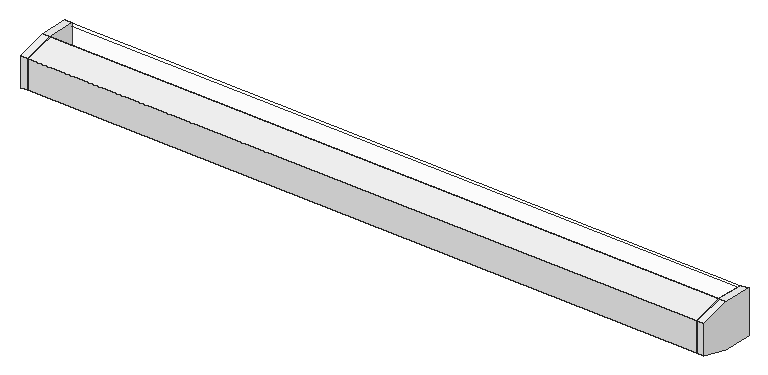
Revit family "67L-W-SQ", category Lighting Fixtures, host Wall, Revit 2014
Parameters (values of type "Note 67L-Matte White")
  Width = 48.00"
  Watts = 4.5 W
  Wattage Comments = "550 to 1800 lumens/ft"  # constant formula
  Wattage = 4.5 W
  built-in parameter 1150110 = 1 (stored number, unit not read)
  Voltage = 120 V
  URL = "https://www.hubbell.com/litecontrol/en/"
  Type Comments = "Lighting Fixture"  # constant formula
  built-in parameter 1114217 = 1 (stored number, unit not read)
  Tilt Angle = 0.00°
  built-in parameter 1150109 = 1 (stored number, unit not read)
  built-in parameter 1150134 = (empty or 0)
  built-in parameter 1150113 = 1 (stored number, unit not read)
  Photometric Web File = "67L-W-D-4-4-DM-C1-35K-D055.IES"
  Photometric Notes = "Photometric Web files Download in below link"  # constant formula
  Photometric Link = "https://resources.hubbelllighting.com/hubbelllightingci/photometry/?p=LITECONTROL/Wall/67L-W-D/"
  Glass = Hubbell - White Glass
  Product Page URL = "https://www.hubbell.com/hubbell/en/c/NOTE-67L-W-D/p/2056791"
  Product Documentation Link = "https://hubbellcdn.com/specsheet/67L-W-D.pdf"
  Power Factor = 1
  Model = "67L-W-Square"  # constant formula
  Manufacturer = "Litecontrol"  # constant formula
  built-in parameter 1150105 = 43.33 (stored number, unit not read)
  Lumens = 544.5 lm
  built-in parameter 1150115 = 1 (stored number, unit not read)
  Load Classification = Lighting
  built-in parameter 1150137 = (empty or 0)
  built-in parameter 1150139 = (empty or 0)
  built-in parameter 1150112 = 1 (stored number, unit not read)
  built-in parameter 1150114 = 1 (stored number, unit not read)
  Lamp = "LED"  # constant formula
  built-in parameter 1150132 = (empty or 0)
  built-in parameter 1150102 = (empty or 0)
  built-in parameter 1150107 = 3500 (stored number, unit not read)
  built-in parameter 1150138 = (empty or 0)
  built-in parameter 1150106 = 0.4333 (stored number, unit not read)
  Emit from Rectangle Width = Width - 1.00"  # 47.00"
  Emit from Rectangle Length = 3.00"  # constant formula
  Emit Shape Visible in Rendering = no
  built-in parameter 1150104 = 11.241 (stored number, unit not read)
  Dimming Lamp Color Temperature Shift = <None>
  Description = "The NOTE 67L Wall Mount brings direct illumination, ADA compliance, performance and versatility, all within a slim profile and a fresh, contemporary style"  # constant formula
  Create Date = "03/21/2018"  # constant formula
  Contact Us = "https://www.hubbell.com/litecontrol/en/contactUs"
  Color Filter = 16777215
  Housing Material = Paint - Hubbell - Matte White
  built-in parameter 1114218 = 1 (stored number, unit not read)
  built-in parameter 1150133 = 10 (stored number, unit not read)
  Assembly Code = "D5020210"
  Apparent Load = Watts / Power Factor  # 4.5 VA
Types (6): name | Housing Material
  Note 67L-Carbon Black | Paint - Hubbell - Carbon Black
  Note 67L-Textured Matte White | Paint - Hubbell - Textured Matte White
  Note 67L-Light Silver | Paint - Hubbell - Light Silver
  Note 67L-Machined Aluminum | Paint - Hubbell - Machined Aluminum
  Note 67L-Textured Camera Black | Paint - Hubbell - Textured Camera Black
  Note 67L-Matte White | Paint - Hubbell - Matte White
Reference planes (in)
  plane 1 "Wall": y = 0
  plane 2 "Center (Left/Right)": x = 4.92126
  plane 3 "Back": y = 2.95276
  plane 4: y = 5.95276
  plane 5: z = 81.34304
Text (in)
  text "Placement Side" at (-36.97918, 19.73443, 0), in view "Ref. Level"
  text "Placement side" at (0, 27.32912, 79.68064), in view "Left"
  text "Placement side" at (0, 10.24977, 82.91007), in view "Right"
Dimensions and locks (in)
  locked: plane 3 "Back" to host wall
  locked: plane 3 "Back" to plane 4 at 3
  aligned and locked: plane 1 "Wall" to host wall
  aligned and locked: nested 1 to plane 2 "Center (Left/Right)"
  aligned and locked: nested 1 to plane 5
Nested families (in)
  nested 1: "Square" at (2.87359, 2.95276, 81.30305) x (-1, 0, 0) z (0, 1, 0), Glass <- "Glass", Backbox <- "Housing Material", Row Length <- "Width", type "Square"
    with Row Length 48.00", Glass Hubbell - White Glass, Backbox Paint - Hubbell - Matte White
Connectors (in)
  electrical at (4.92126, 2.95276, 81.34499), driven by "Load Classification", driven by "Voltage", driven by "Apparent Load", driven by "Power Factor"
    settings: on nested 1, index 1, voltage 120 V, apparent load 4.5 VA, apparent load phase1 0 VA, apparent load phase2 0 VA, apparent load phase3 0 VA, power factor 1, load classification "Lighting", number of poles 1, system type 30, power factor state 1, is connector primary yes, connector utility no, sub classification motor no, connector description "LightingConnector"
Definition of nested family "Square"
  Parameters (values of type "67L-P-D Light")
    Wattage Comments = ""
    URL = ""
    Row Length [instance] = 24.00"
    Product Page URL = ""
    Product Documentation Link = ""
    Model = ""
    Manufacturer Phone = ""
    Manufacturer Fax = ""
    Manufacturer = ""
    Lamp = ""
    Glass [instance] = none
    Description = ""
    Default Elevation = 48.00"
    Backbox [instance] = none
  Reference planes (in)
    plane 1 "Center (Front/Back)": y = 0.03999
    plane 2: z = 0
    plane 3 "Center (Left/Right)": x = -2.04767
    plane 4: x = -14.04767
    plane 5: x = 9.95233
    plane 6: x = -13.54767
    plane 7: x = 9.45233
    plane 8: z = 3.9375
    plane 9: y = -1.46001
    plane 10: y = 1.53999
    plane 11: y = 1.03999
    plane 12: y = -0.96001
    plane 13: z = 1.98438
  Forms (in)
    Extrusion 1, solid
      sketch origin (0, 0, 0.06357) x (1, 0, 0) y (0, 1, 0)
        loop
          line (-48, 48) -> (-48, -48) -> (48, -48) -> (48, 48) -> (-48, 48)
      from -0.06357 to -6.47428
    Extrusion 2, solid, material <- "Backbox"
      sketch origin (-2.04767, 0, 0) x (0, 1, 0) y (0, 0, 1)
        loop
          line (-0.96001, 0) -> (1.0439, 0) -> (1.53999, 1.98437) -> (1.53999, 3.9375) -> (-1.4561, 3.9375) -> (-1.4561, 1.98437) -> (-0.96001, 0)
      from 11.5 to 12
    Extrusion 3, solid, material <- "Backbox"
      sketch origin (-2.04767, 0, 0) x (0, 1, 0) y (0, 0, 1)
        loop
          line (-0.96001, 0) -> (1.0439, 0) -> (1.53999, 1.98437) -> (1.53999, 3.9375) -> (-1.46001, 3.9375) -> (-1.46001, 2) -> (-0.96001, 0)
      from -11.5 to -12
    Extrusion 4, solid, material <- "Glass"
      sketch origin (-2.04767, 0, 0) x (0, 1, 0) y (0, 0, 1)
        loop
          line (1.53999, 3.9375) -> (-1.46001, 3.9375) -> (-1.46001, 1.98438) -> (-1.33501, 1.98438) -> (-1.33501, 3.8125) -> (1.41499, 3.8125) -> (1.41499, 1.98438) -> (1.53999, 1.98438) -> (1.53999, 3.9375)
      from -11.5 to 11.5
    Extrusion 5, solid, material <- "Backbox"
      sketch origin (-2.04767, 0, 0) x (0, 1, 0) y (0, 0, 1)
        loop
          line (-0.96001, 0) -> (1.0439, 0) -> (1.53999, 1.98437) -> (-1.4561, 1.98437) -> (-0.96001, 0)
      from -11.5 to 11.5
  Dimensions and locks (in)
    equal spacing: plane 5, plane 3 "Center (Left/Right)", plane 4
    plane 6 to plane 4 = 0.50"
    "Row Length": plane 5 to plane 4
    equal spacing: plane 7, plane 3 "Center (Left/Right)", plane 6
    plane 8 to Extrusion 1 = 3.9375"
    locked: plane 1 "Center (Front/Back)" to plane 9 at 1.5
    locked: plane 13 to Extrusion 1 at 1.98438
    locked: plane 10 to plane 9 at 3
    locked: plane 11 to plane 12 at 2
    aligned and locked: plane 2 to Extrusion 1
    aligned and locked: level to Extrusion 1
    aligned and locked: plane 5 to Extrusion 2
    aligned and locked: Extrusion 2 to plane 7
    aligned and locked: plane 7 to Extrusion 5
    aligned and locked: Extrusion 5 to plane 6
    aligned and locked: Extrusion 3 to plane 4
    aligned and locked: plane 6 to Extrusion 3
    aligned and locked: Extrusion 5 sketch curve to level
    aligned and locked: Extrusion 5 to Extrusion 3 sketch curve
    aligned and locked: Extrusion 2 sketch curve to Extrusion 3  (x3)
    aligned and locked: Extrusion 4 to plane 6
    aligned and locked: plane 7 to Extrusion 4
    aligned and locked: Extrusion 3 to Extrusion 2 sketch curve
    aligned and locked: plane 13 to Extrusion 5
    aligned and locked: Extrusion 3 sketch curve to plane 10
    aligned and locked: Extrusion 3 sketch curve to plane 8
    aligned and locked: Extrusion 3 sketch curve to plane 9
    aligned and locked: Extrusion 2 sketch curve to Extrusion 5
    aligned and locked: Extrusion 2 sketch curve to plane 10
    aligned and locked: Extrusion 4 sketch curve to plane 10
    aligned and locked: Extrusion 4 sketch curve to plane 8
    aligned and locked: Extrusion 4 sketch curve to plane 9
    aligned and locked: Extrusion 4 sketch curve to plane 13
  Automatic sketch dimensions
    Extrusion 1 sketch curve to Extrusion 1 sketch curve = 96.00"  (x2)
    Extrusion 5 sketch curve to plane 12 = 0.00"
    Extrusion 5 sketch curve to plane 10 = 0.00"
    Extrusion 5 sketch curve to plane 9 = 0.00391"
    plane 11 to Extrusion 5 sketch curve = 0.00391"
    Extrusion 5 sketch curve to plane 8 = 1.95312"
    Extrusion 3 sketch curve to plane 12 = 0.00"
    Extrusion 3 sketch curve to plane 13 = 0.00"
    plane 11 to Extrusion 3 sketch curve = 0.00391"
    plane 13 to Extrusion 3 sketch curve = 0.01562"
    Extrusion 4 sketch curve to plane 10 = 0.125"
    Extrusion 4 sketch curve to plane 8 = 0.125"
    Extrusion 4 sketch curve to plane 13 = 0.00"
    Extrusion 4 sketch curve to Extrusion 4 sketch curve = 0.125"
